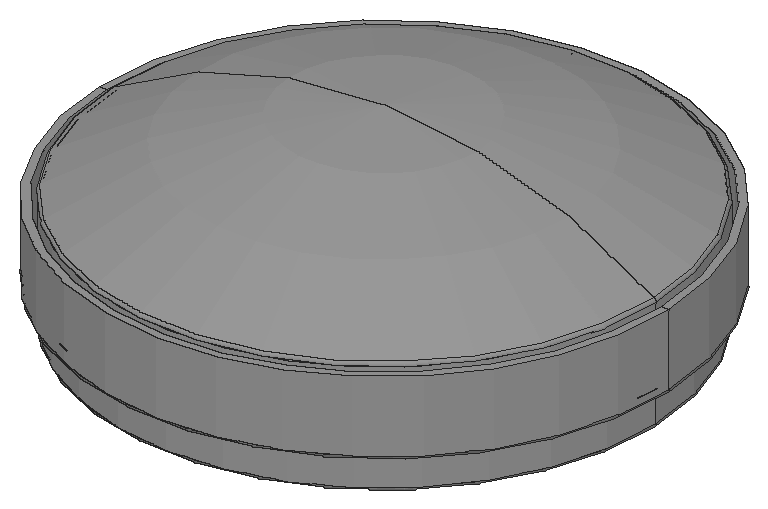
Revit family "3034779 Sylvania Lighting Fixture GIOTTO305 LED G2 3000K RECESSED 1-10V MW", category Lighting Fixtures, host Face, Revit 2016
Family settings
  Host = Face
  Part Type = Normal
  Round Connector Dimension = Use Diameter
  OmniClass Number = 23.80.70.00
  OmniClass Title = Lighting
  Cut with Voids When Loaded = No
  Light Source = Yes
  Shared = No
  Room Calculation Point = No
Parameters (values of type "3034779 GIOTTO305 LED G2 3000K RECESSED 1-10V MW")
  Weight = "1.11 kg"
  Wattage Comments = ""
  Wattage = 19 W
  WarrantyStartDate [instance] = "n/a"
  WarrantyGuarantorParts = "n/a"
  WarrantyDurationUnit = "n/a"
  WarrantyDurationParts = "n/a"
  WarrantyDescription = "n/a"
  built-in parameter 1150110 = 1 (stored number, unit not read)
  Voltage = 0 V
  URL = "http://www.sylvania-lighting.com"
  TypeName = "GIOTTO305 LED G2 3000K RECESSED 1-10V MW"
  Type Image = <None>
  Type Comments = "n/a"
  built-in parameter 1114217 = 1 (stored number, unit not read)
  Tilt Angle = -90.00°
  built-in parameter 1150109 = 1 (stored number, unit not read)
  built-in parameter 1150134 = (empty or 0)
  built-in parameter 1150113 = 1 (stored number, unit not read)
  SerialNumber [instance] = "n/a"
  Photometric Web File = "3034779.ies"
  Material_3_SYL = LED-Sylvania
  PowerFactor = 0
  PowerConsumption = "19 W"
  NominalLength = 305 mm
  NominalHeight = 104 mm
  NominalDepth = 305 mm
  Name = "GIOTTO305 LED G2 3000K RECESSED 1-10V MW"
  ModelReference = Name  # "GIOTTO305 LED G2 3000K RECESSED 1-10V MW"
  ModelNumber = "3034779"
  Model = Name  # "GIOTTO305 LED G2 3000K RECESSED 1-10V MW"
  Material = "polycarbonate housing, polycarbonate diffuser"
  ManufacturerName = "Feilo Sylvania"
  Manufacturer = "Feilo Sylvania"
  LuminousEfficacy = "78 lm/W"
  built-in parameter 1150105 = 117.93 (stored number, unit not read)
  Lumens = 1482 lm
  LuminaireType = ""
  built-in parameter 1150115 = 1 (stored number, unit not read)
  LightOutputRatio = "n/a"
  built-in parameter 1150137 = (empty or 0)
  built-in parameter 1150139 = (empty or 0)
  LampsType = Lamp  # "LED"
  LampNominalLuminous = "1491 lm"
  LampMacAdamStep = "n/a"
  LampColourTemperature = "3000 K"
  LampColourRenderingIndex = "80"
  built-in parameter 1150112 = 1 (stored number, unit not read)
  built-in parameter 1150114 = 1 (stored number, unit not read)
  Lamp = "LED"
  Keynote = "16500"
  InstallationDate [instance] = "n/a"
  InputVoltage = "n/a"
  InputNominalFrequency = "n/a"
  built-in parameter 1150132 = (empty or 0)
  built-in parameter 1150102 = (empty or 0)
  built-in parameter 1150107 = 3000 (stored number, unit not read)
  built-in parameter 1150138 = (empty or 0)
  IngressProtection = "IP44"
  ImpactProtectionIndex = "IK10"
  built-in parameter 1150106 = 1.1793 (stored number, unit not read)
  IfcExportType = "IfcLightFixtureType"
  IfcExportAs = "IfcLightFixtureType"
  Height_SYL = 104 mm
  ExpectedLife = 50000
  Emit from Circle Diameter = 317 mm
  Emit Shape Visible in Rendering = no
  ElectricShockClassification = "Class I"
  built-in parameter 1150104 = 7.2464 (stored number, unit not read)
  DurationUnit = "hours"
  DocumentationLiterature = "http://www.sylvania-lighting.com/product/en-int/products/3034779"
  DimmingControlOptions = "n/a"
  Material_2_SYL = Polycarbonate_Sylvania_Giotto_Opal
  Dimming Lamp Color Temperature Shift = <None>
  DiffuserRadius_SYL = 282.611 mm
  Diameter_SYL = 305 mm
  Description = "Ambient and decorative round, recessed mounted LED bulkhead luminaire. White robust polycarbonate body with opal diffuser, 1491 lm, 19W, 78lm/W, 3000K, CRI 80, 1-10V dimmable, integral microwave sensor. 50,000 hours lumen maintenance. Drive current: 700mA, IP44, IK10, Class I, 220-240V, Energy class: A++, A+, A."
  Default Elevation = 1219.2 mm
  CreatedOn = "11/7/2018"
  CreatedBy = "@sylvania-lighting.com"
  Cost = 0
  Color Filter = 16777215
  built-in parameter 1114216 [instance] = (empty or 0)
  ClassificationValue = "EF_70_80"
  ClassificationName = "Uniclass2015"
  Material_1_SYL = Polycarbonate_Sylvania_Giotto_White
  BarCode [instance] = "n/a"
  built-in parameter 1114218 = 1 (stored number, unit not read)
  built-in parameter 1150133 = 10 (stored number, unit not read)
  AssetType = "Fixed"
  AssetIdentifier [instance] = "n/a"
  Assembly Code = "D5020200"
  Apparent Load = 19 VA
  Material_4_SYL = none
Reference planes
  plane 1 "Center (Front/Back)": y = 0
  plane 2: z = 0
  plane 3 "Center (Left/Right)": x = 0
  plane 4: x = 152.5
  plane 5: x = -152.5
  plane 6: x = -145.5
  plane 7: x = -148.5
  plane 8: z = 104
  plane 9: z = 59
  plane 10: z = 19
  plane 11: z = 24
  plane 12: x = -150.9
  plane 13: z = 20.6
  plane 14: z = 1.6
  plane 15: x = -143.9
  plane 16: z = 18
  plane 17: x = -146.5
  plane 18: z = 25
  plane 19: z = 61
Forms (mm)
  Revolve 1, solid, material "Polycarbonate_Sylvania_Giotto_White" <- "Material_1_SYL"
    sketch origin (0, 0, 0) x (1, 0, 0) y (0, 0, 1)
      loop
        line (0, 0) -> (0, 25) -> (-143.9, 25) -> (-143.9, 24) -> (-148.5, 24) -> (-148.5, 59) -> (-152.5, 59) -> (-152.5, 20.6)
        arc (-152.5, 20.6) -> (-152.031, 19.469) -> (-150.9, 19) r 1.6
        line (-150.9, 19) -> (-146.5, 19)
        arc (-146.5, 19) -> (-145.793, 18.707) -> (-145.5, 18) r 1
        line (-145.5, 18) -> (-145.5, 1.6)
        arc (-145.5, 1.6) -> (-145.031, 0.469) -> (-143.9, 0) r 1.6
        line (-143.9, 0) -> (0, 0)
      axis (0, 59) -> (0, 0)
    angle from 360 to 0
  Revolve 2, solid, material "Polycarbonate_Sylvania_Giotto_Opal" <- "Material_2_SYL"
    sketch origin (0, 0, 0) x (1, 0, 0) y (0, 0, 1)
      loop
        line (-145.5, 24) -> (-143.9, 24) -> (-143.9, 59.636)
        arc (-143.9, 59.636) -> (-143.79, 60.068) -> (-143.485, 60.394) r 0.9
        arc (-143.485, 60.394) -> (-74.754, 91.683) -> (0, 102.4) r 266.066
        line (0, 102.4) -> (0, 104)
        arc (0, 104) -> (-75.203, 93.218) -> (-144.348, 61.742) r 267.666
        arc (-144.348, 61.742) -> (-145.193, 60.836) -> (-145.5, 59.636) r 2.5
        line (-145.5, 59.636) -> (-145.5, 24)
      axis (0, 104) -> (0, 24)
    angle from 360 to 0
Dimensions and locks
  equal spacing: plane 4, plane 3 "Center (Left/Right)", plane 5
  "Diameter_SYL": plane 4 to plane 5
  locked: plane 6 to plane 5 at 7
  locked: plane 7 to plane 5 at 4
  "Height_SYL": plane 8 to plane 2
  locked: plane 8 to plane 9 at 45
  locked: plane 9 to plane 10 at 40
  Revolve 1 sketch curve to Revolve 1 sketch curve = 4.4 mm
  locked: plane 11 to plane 10 at 5
  locked: plane 12 to plane 5 at 1.6
  locked: plane 13 to plane 10 at 1.6
  locked: plane 14 to plane 2 at 1.6
  locked: plane 15 to plane 6 at 1.6
  locked: plane 6 to plane 17 at 1
  locked: plane 10 to plane 16 at 1
  locked: plane 18 to plane 11 at 1
  locked: plane 19 to plane 9 at 2
  aligned and locked: plane 2 to host face
  aligned and locked: level to host face
  aligned and locked: Revolve 1 sketch curve to plane 3 "Center (Left/Right)"
  aligned and locked: level to Revolve 1 sketch curve
  aligned and locked: Revolve 1 sketch curve to plane 10
  aligned and locked: plane 9 to Revolve 1 sketch curve
  aligned and locked: Revolve 1 sketch curve to plane 7
  aligned and locked: plane 12 to Revolve 1 sketch curve  (x2)
  aligned and locked: plane 13 to Revolve 1 sketch curve  (x2)
  aligned and locked: plane 15 to Revolve 1 sketch curve  (x3)
  aligned and locked: plane 14 to Revolve 1 sketch curve  (x2)
  aligned and locked: plane 3 "Center (Left/Right)" to imposter light
  aligned and locked: imposter light to plane 1 "Center (Front/Back)"
  aligned and locked: plane 18 to Revolve 1 sketch curve
  aligned and locked: plane 11 to Revolve 1 sketch curve
  aligned and locked: imposter light to plane 8
  aligned and locked: plane 6 to Revolve 1 sketch curve
  aligned and locked: plane 17 to Revolve 1 sketch curve
  aligned and locked: plane 16 to Revolve 1 sketch curve
  aligned and locked: Revolve 2 sketch curve to plane 3 "Center (Left/Right)"
  aligned and locked: plane 6 to Revolve 2 sketch curve
  aligned and locked: plane 3 "Center (Left/Right)" to Revolve 2 sketch curve
  aligned and locked: plane 11 to Revolve 2 sketch curve
  aligned and locked: Revolve 2 sketch curve to imposter light
Automatic sketch dimensions
  host sketch curve to host sketch curve = 2438.4 mm  (x2)
  Revolve 1 sketch curve to plane 3 "Center (Left/Right)" = 0 mm
  Revolve 1 sketch curve to level = 609.6 mm
  Revolve 1 sketch curve to plane 8 = 2499.058 mm
  Revolve 2 sketch curve to Revolve 2 sketch curve = 0 mm  (x4)
  Revolve 2 sketch curve to plane 15 = 0 mm
  Revolve 2 sketch curve to plane 8 = 0 mm
  plane 15 to Revolve 2 sketch curve = 0.9 mm
  Revolve 2 sketch curve to level = 163.666 mm
  Revolve 2 sketch curve to plane 9 = 0.636 mm
  Revolve 2 sketch curve to Revolve 2 sketch curve = 445.934 mm
  Revolve 2 sketch curve to plane 8 = 2505.058 mm
Connectors
  electrical at (0, 0, 0), driven by "Apparent Load", driven by "PowerFactor", driven by "Voltage"
    settings: index 1, voltage 0 V, apparent load 19 VA, apparent load phase1 0 VA, apparent load phase2 0 VA, apparent load phase3 0 VA, power factor 0, load classification "Lighting", number of poles 1, system type 30, power factor state 1, is connector primary yes, connector utility no, sub classification motor no, connector description ""
